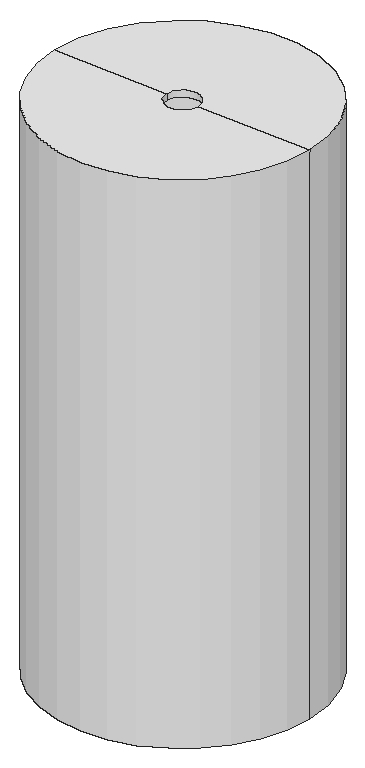
Revit family "CY48", category Lighting Fixtures, Revit 2024
Family settings
  Round Connector Dimension = Use Diameter
  Part Type = Normal
  OmniClass Number = 23.80.70.00
  OmniClass Title = Lighting
  Work Plane-Based = No
  Always vertical = Yes
  Cut with Voids When Loaded = No
  Light Source = No
  Maintain Annotation Orientation = No
  Shared = No
  Room Calculation Point = No
Parameters
  Default Elevation = 0' - 0"
Reference planes (in)
  plane 1 "Light Source Axis (F/B)": y = 0
  plane 2: z = 0
  plane 3 "Light Source Axis (L/R)": x = 0
  plane 4 "Light Source Elevation": z = 54
Forms (in)
  Sweep 1, solid, material "FC", not visible
    path origin (75.968, 0, 0.00093) x (1, 0, 0) y (0, 0, 1)
      loop
        arc (-4.5864, 68.3252) -> (-8.91952, 61.72019) -> (-10.59309, 54) r 21.63816
    profile origin (67.04848, 0, 61.72112) x (0.922209, 0, -0.386691) y (0, -1, 0)
      loop
        circle (0, 0) r 0.03125
  Extrusion 2, solid, material "61", not visible
    sketch origin (21.22004, 0.07031, 3.70715) x (1, 0, 0) y (0, 1, 0)
      loop
        arc (0.70087, 4.42509) -> (0.0002, 4.48026) -> (-0.70003, 4.41981) r 4.27232
        line (-0.70003, 4.41981) -> (-0.65367, 4.12712)
        arc (-0.65367, 4.12712) -> (0, 4.17857) -> (0.65367, 4.12712) r 4.17857
        line (0.65367, 4.12712) -> (0.70087, 4.42509)
    from 66 to 73.80732
  Revolve 3, solid, material "44"
    sketch origin (0, 0, 0) x (1, 0, 0) y (0, 0, 1)
      loop
        line (0.25, 62) -> (0.25, 61.90625) -> (1.90625, 61.90625) -> (1.90625, 54) -> (2, 54) -> (2, 62) -> (0.25, 62)
      axis (0, 62) -> (0, 54)
    angle from 0 to 360
Dimensions and locks (in)
  aligned and locked: level to plane 2
